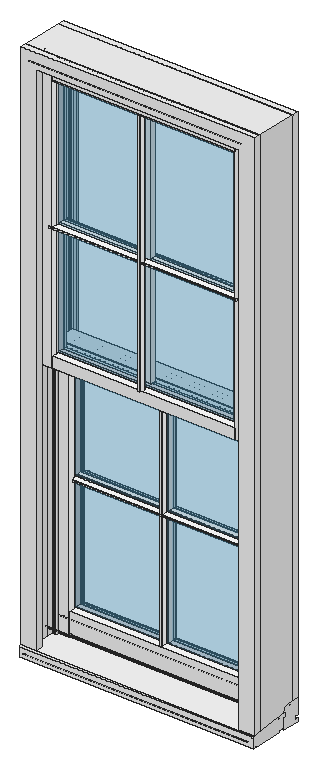
Revit family "S1-44", category Generic Models, Revit 2012 (continued)
Automatic sketch dimensions
  Extrusion 27 sketch curve to Extrusion 27 sketch curve = 3.78 mm
  Extrusion 27 sketch curve to Extrusion 27 sketch curve = 0.468 mm
  plane 4 to Extrusion 27 sketch curve = 15 mm
  Extrusion 28 sketch curve to plane 4 = 0 mm
  Extrusion 28 sketch curve to level = 0 mm
  plane 4 to Extrusion 28 sketch curve = 15 mm
  Extrusion 28 sketch curve to plane 1 "Center (Front/Back)" = 33 mm
  Extrusion 28 sketch curve to Extrusion 28 sketch curve = 0 mm
  Extrusion 28 sketch curve to Extrusion 28 sketch curve = 5 mm
  Extrusion 28 sketch curve to Extrusion 28 sketch curve = 13.619 mm
  Extrusion 28 sketch curve to Extrusion 28 sketch curve = 3.494 mm
  Extrusion 28 sketch curve to Extrusion 28 sketch curve = 0.701 mm
  Extrusion 28 sketch curve to Extrusion 28 sketch curve = 0.799 mm
  Extrusion 28 sketch curve to Extrusion 28 sketch curve = 1.734 mm
  Extrusion 28 sketch curve to Extrusion 28 sketch curve = 0.661 mm
  Extrusion 28 sketch curve to Extrusion 28 sketch curve = 0.854 mm
  Extrusion 28 sketch curve to plane 9 = 0 mm
  Extrusion 28 sketch curve to plane 22 = 4.75 mm
  Extrusion 28 sketch curve to plane 22 = 14.75 mm
  Extrusion 28 sketch curve to Extrusion 28 sketch curve = 10 mm  (x2)
  level to Extrusion 28 sketch curve = 10 mm
  Extrusion 28 sketch curve to Extrusion 28 sketch curve = 4.913 mm
  Extrusion 28 sketch curve to Extrusion 28 sketch curve = 3 mm
  Extrusion 28 sketch curve to Extrusion 28 sketch curve = 13.01 mm
  Extrusion 28 sketch curve to Extrusion 28 sketch curve = 0.941 mm
  Extrusion 28 sketch curve to Extrusion 28 sketch curve = 4.893 mm
  Extrusion 28 sketch curve to Extrusion 28 sketch curve = 3.308 mm
  Extrusion 28 sketch curve to Extrusion 28 sketch curve = 0.218 mm
  Extrusion 28 sketch curve to Extrusion 28 sketch curve = 0.667 mm
  Extrusion 28 sketch curve to Extrusion 28 sketch curve = 5.279 mm
  Extrusion 29 sketch curve to plane 17 = 0 mm  (x3)
  Extrusion 29 sketch curve to plane 17 = 3 mm  (x2)
  plane 10 to Extrusion 29 sketch curve = 1 mm
  Extrusion 29 sketch curve to Extrusion 29 sketch curve = 3 mm  (x2)
  Extrusion 29 sketch curve to plane 17 = 9 mm
  plane 1 "Center (Front/Back)" to Extrusion 29 sketch curve = 6 mm
  Extrusion 29 sketch curve to Extrusion 29 sketch curve = 34 mm
  Extrusion 29 sketch curve to Extrusion 29 sketch curve = 6 mm
  Extrusion 29 sketch curve to Extrusion 29 sketch curve = 10 mm  (x2)
  Extrusion 29 sketch curve to Extrusion 29 sketch curve = 5 mm
  Extrusion 29 sketch curve to Extrusion 29 sketch curve = 9 mm
  plane 10 to Extrusion 29 sketch curve = 13 mm
  Extrusion 29 sketch curve to Extrusion 29 sketch curve = 2 mm
  Extrusion 30 sketch curve to Extrusion 30 sketch curve = 0 mm  (x2)
  Extrusion 30 sketch curve to plane 24 = 0 mm
  Extrusion 30 sketch curve to plane 25 = 0 mm
  Extrusion 31 sketch curve to plane 17 = 0 mm  (x3)
  Extrusion 31 sketch curve to plane 17 = 3 mm  (x2)
  Extrusion 31 sketch curve to Extrusion 31 sketch curve = 3 mm  (x2)
  Extrusion 31 sketch curve to plane 17 = 9 mm
  Extrusion 31 sketch curve to Extrusion 31 sketch curve = 31 mm
  Extrusion 31 sketch curve to plane 1 "Center (Front/Back)" = 5 mm
  Extrusion 31 sketch curve to Extrusion 31 sketch curve = 6 mm
  Extrusion 31 sketch curve to Extrusion 31 sketch curve = 10 mm  (x3)
  Extrusion 31 sketch curve to Extrusion 31 sketch curve = 5 mm
  Extrusion 31 sketch curve to Extrusion 31 sketch curve = 12 mm
  Extrusion 31 sketch curve to Extrusion 31 sketch curve = 9 mm
  Extrusion 31 sketch curve to plane 9 = 5 mm
  Extrusion 32 sketch curve to Extrusion 32 sketch curve = 0 mm  (x2)
  Extrusion 32 sketch curve to plane 26 = 0 mm
  Extrusion 32 sketch curve to plane 27 = 0 mm
  plane 4 to Sweep 33 sketch curve = 0.101 mm  (x2)
  profile plane to Sweep 33 sketch curve = 0 mm
  profile plane to Sweep 33 sketch curve = 15 mm  (x2)
  Sweep 33 sketch curve to Sweep 33 sketch curve = 8 mm  (x2)
  Sweep 33 sketch curve to profile plane = 4 mm
  profile plane to Sweep 33 sketch curve = 25 mm
  Sweep 33 sketch curve to Sweep 33 sketch curve = 3.764 mm
  Sweep 33 sketch curve to Sweep 33 sketch curve = 0.669 mm  (x3)
  Sweep 33 sketch curve to Sweep 33 sketch curve = 9 mm  (x2)
  Sweep 33 sketch curve to Sweep 33 sketch curve = 0 mm  (x3)
  Sweep 33 sketch curve to profile plane = 67 mm
  Sweep 33 sketch curve to Sweep 33 sketch curve = 5 mm  (x2)
  profile plane to Sweep 33 sketch curve = 4 mm
  Sweep 33 sketch curve to Sweep 33 sketch curve = 14.424 mm
  Sweep 33 sketch curve to Sweep 33 sketch curve = 1.899 mm
  Sweep 33 sketch curve to Sweep 33 sketch curve = 2.674 mm
  Sweep 33 sketch curve to Sweep 33 sketch curve = 44.004 mm
  plane 1 "Center (Front/Back)" to Sweep 34 sketch curve = 0 mm
  plane 6 to Sweep 34 sketch curve = 30 mm
  plane 8 to Sweep 34 sketch curve = 89 mm
  Sweep 34 sketch curve to Sweep 34 sketch curve = 0.584 mm
  Sweep 34 sketch curve to Sweep 34 sketch curve = 2.535 mm
  Sweep 34 sketch curve to Sweep 34 sketch curve = 3.255 mm
  profile plane to Sweep 34 sketch curve = 88.087 mm
  Sweep 34 sketch curve to Sweep 34 sketch curve = 0.366 mm
  Sweep 34 sketch curve to Sweep 34 sketch curve = 3 mm  (x2)
  Sweep 34 sketch curve to profile plane = 6.095 mm
  Sweep 34 sketch curve to Sweep 34 sketch curve = 12.041 mm
  Sweep 34 sketch curve to Sweep 34 sketch curve = 0.661 mm
  Sweep 34 sketch curve to Sweep 34 sketch curve = 20.296 mm
  Sweep 34 sketch curve to Sweep 34 sketch curve = 6.677 mm
  Sweep 34 sketch curve to Sweep 34 sketch curve = 3.494 mm
  Sweep 34 sketch curve to Sweep 34 sketch curve = 0.701 mm
  Sweep 34 sketch curve to Sweep 34 sketch curve = 1.501 mm
  Sweep 34 sketch curve to Sweep 34 sketch curve = 0.499 mm
  Sweep 34 sketch curve to Sweep 34 sketch curve = 0.854 mm
  Sweep 34 sketch curve to Sweep 34 sketch curve = 12.85 mm
  Sweep 34 sketch curve to Sweep 34 sketch curve = 34.959 mm
  profile plane to Sweep 34 sketch curve = 30.213 mm
  Sweep 34 sketch curve to Sweep 34 sketch curve = 2.932 mm
  Sweep 34 sketch curve to Sweep 34 sketch curve = 0.468 mm
  Sweep 34 sketch curve to Sweep 34 sketch curve = 5.224 mm
  Sweep 34 sketch curve to Sweep 34 sketch curve = 4.913 mm
  Sweep 34 sketch curve to Sweep 34 sketch curve = 4.893 mm
  Sweep 34 sketch curve to Sweep 34 sketch curve = 3.401 mm
  Sweep 34 sketch curve to Sweep 34 sketch curve = 0.218 mm
  Sweep 34 sketch curve to Sweep 34 sketch curve = 0.667 mm
  Sweep 34 sketch curve to Sweep 34 sketch curve = 5.371 mm
  Extrusion 35 sketch curve to plane 30 = 2 mm
  Extrusion 35 sketch curve to plane 33 = 10 mm  (x2)
  Extrusion 35 sketch curve to Extrusion 35 sketch curve = 2 mm  (x4)
  Extrusion 35 sketch curve to plane 33 = 2.5 mm  (x2)
  plane 33 to Extrusion 35 sketch curve = 2.5 mm  (x2)
  plane 33 to Extrusion 35 sketch curve = 8 mm
  plane 33 to Extrusion 35 sketch curve = 10 mm
  Extrusion 35 sketch curve to Extrusion 35 sketch curve = 2.8 mm  (x2)
  Extrusion 35 sketch curve to plane 1 "Center (Front/Back)" = 8.038 mm
  Extrusion 35 sketch curve to Extrusion 35 sketch curve = 0 mm
  plane 30 to Extrusion 35 sketch curve = 6 mm
  Extrusion 35 sketch curve to Extrusion 35 sketch curve = 2.5 mm  (x2)
  Extrusion 35 sketch curve to plane 9 = 4.008 mm  (x2)
  Extrusion 36 sketch curve to plane 33 = 10 mm
  plane 33 to Extrusion 36 sketch curve = 10 mm
  Extrusion 36 sketch curve to plane 1 "Center (Front/Back)" = 25.992 mm
  Extrusion 36 sketch curve to Extrusion 36 sketch curve = 16 mm
  Extrusion 37 sketch curve to plane 35 = 0 mm  (x2)
  Extrusion 37 sketch curve to Extrusion 37 sketch curve = 2 mm  (x3)
  Extrusion 37 sketch curve to plane 10 = 0.831 mm
  plane 35 to Extrusion 37 sketch curve = 7.449 mm
  plane 35 to Extrusion 37 sketch curve = 7.5 mm
  plane 10 to Extrusion 37 sketch curve = 1.169 mm  (x2)
  Extrusion 37 sketch curve to Extrusion 37 sketch curve = 5 mm  (x2)
  Extrusion 37 sketch curve to Extrusion 37 sketch curve = 5.5 mm
  Extrusion 37 sketch curve to Extrusion 37 sketch curve = 7.551 mm
  plane 10 to Extrusion 37 sketch curve = 9.323 mm
  plane 10 to Extrusion 37 sketch curve = 12.123 mm
  plane 1 "Center (Front/Back)" to Extrusion 37 sketch curve = 26.492 mm
  Extrusion 37 sketch curve to Extrusion 37 sketch curve = 6 mm  (x2)
  Extrusion 37 sketch curve to Extrusion 37 sketch curve = 2.5 mm  (x2)
  Extrusion 37 sketch curve to Extrusion 37 sketch curve = 7.5 mm
  Extrusion 37 sketch curve to Extrusion 37 sketch curve = 0 mm
  Extrusion 38 sketch curve to plane 35 = 0 mm
  Extrusion 38 sketch curve to Extrusion 38 sketch curve = 20 mm
  plane 1 "Center (Front/Back)" to Extrusion 38 sketch curve = 31.742 mm
  Extrusion 38 sketch curve to Extrusion 38 sketch curve = 16 mm
  Extrusion 39 sketch curve to plane 36 = 2 mm
  plane 23 to Extrusion 39 sketch curve = 10 mm  (x2)
  Extrusion 39 sketch curve to Extrusion 39 sketch curve = 2 mm  (x4)
  plane 23 to Extrusion 39 sketch curve = 2.5 mm  (x2)
  Extrusion 39 sketch curve to plane 23 = 2.5 mm  (x2)
  Extrusion 39 sketch curve to plane 23 = 8 mm
  Extrusion 39 sketch curve to plane 23 = 10 mm
  Extrusion 39 sketch curve to Extrusion 39 sketch curve = 2.8 mm  (x2)
  Extrusion 39 sketch curve to plane 1 "Center (Front/Back)" = 8.038 mm
  Extrusion 39 sketch curve to Extrusion 39 sketch curve = 0 mm
  plane 36 to Extrusion 39 sketch curve = 6 mm
  Extrusion 39 sketch curve to Extrusion 39 sketch curve = 2.5 mm  (x2)
  Extrusion 39 sketch curve to plane 9 = 4.008 mm  (x2)
  plane 23 to Extrusion 40 sketch curve = 10 mm
  Extrusion 40 sketch curve to plane 23 = 10 mm
  Extrusion 40 sketch curve to plane 1 "Center (Front/Back)" = 25.992 mm
  Extrusion 40 sketch curve to Extrusion 40 sketch curve = 16 mm
  Extrusion 41 sketch curve to plane 39 = 2 mm
  plane 23 to Extrusion 41 sketch curve = 19.292 mm  (x2)
  plane 10 to Extrusion 41 sketch curve = 5.701 mm
  plane 39 to Extrusion 41 sketch curve = 8.5 mm
  Extrusion 41 sketch curve to Extrusion 41 sketch curve = 2 mm  (x3)
  Extrusion 41 sketch curve to Extrusion 41 sketch curve = 5.5 mm
  Extrusion 41 sketch curve to plane 10 = 2.453 mm  (x2)
  Extrusion 41 sketch curve to Extrusion 41 sketch curve = 7.5 mm  (x2)
  Extrusion 41 sketch curve to Extrusion 41 sketch curve = 5 mm  (x2)
  plane 23 to Extrusion 41 sketch curve = 1.292 mm
  Extrusion 41 sketch curve to plane 23 = 0.708 mm  (x2)
  Extrusion 41 sketch curve to Extrusion 41 sketch curve = 2.8 mm
  Extrusion 41 sketch curve to Extrusion 41 sketch curve = 2.5 mm  (x2)
  Extrusion 41 sketch curve to Extrusion 41 sketch curve = 0 mm
  plane 23 to Extrusion 42 sketch curve = 10 mm
  Extrusion 42 sketch curve to plane 23 = 10 mm
  plane 10 to Extrusion 42 sketch curve = 19.242 mm
  Extrusion 42 sketch curve to Extrusion 42 sketch curve = 16 mm
  Extrusion 43 sketch curve to plane 34 = 0 mm  (x2)
  Extrusion 43 sketch curve to plane 34 = 3 mm  (x2)
  plane 10 to Extrusion 43 sketch curve = 1 mm
  Extrusion 43 sketch curve to Extrusion 43 sketch curve = 6 mm  (x2)
  plane 1 "Center (Front/Back)" to Extrusion 43 sketch curve = 6 mm
  Extrusion 43 sketch curve to Extrusion 43 sketch curve = 30.096 mm
  Extrusion 43 sketch curve to Extrusion 43 sketch curve = 10 mm
  plane 10 to Extrusion 43 sketch curve = 11 mm
  plane 10 to Extrusion 43 sketch curve = 13 mm
  Extrusion 43 sketch curve to Extrusion 43 sketch curve = 22.126 mm
  Extrusion 43 sketch curve to Extrusion 43 sketch curve = 8 mm
  Extrusion 43 sketch curve to Extrusion 43 sketch curve = 3 mm
  Extrusion 44 sketch curve to plane 10 = 0 mm  (x2)
  Extrusion 44 sketch curve to plane 10 = 0.972 mm  (x2)
  Extrusion 44 sketch curve to Extrusion 44 sketch curve = 1.528 mm
  Extrusion 44 sketch curve to Extrusion 44 sketch curve = 0.5 mm  (x2)
  Extrusion 44 sketch curve to Extrusion 44 sketch curve = 0.574 mm  (x2)
  Extrusion 44 sketch curve to Extrusion 44 sketch curve = 0.813 mm
  Extrusion 44 sketch curve to Extrusion 44 sketch curve = 0 mm  (x5)
  Extrusion 44 sketch curve to Extrusion 44 sketch curve = 0.85 mm
  Extrusion 44 sketch curve to Extrusion 44 sketch curve = 0.61 mm
  Extrusion 44 sketch curve to Extrusion 44 sketch curve = 0.895 mm  (x4)
  Extrusion 44 sketch curve to Extrusion 44 sketch curve = 1.681 mm
  Extrusion 44 sketch curve to plane 34 = 8.996 mm
  Extrusion 44 sketch curve to Extrusion 44 sketch curve = 1 mm  (x2)
  Extrusion 44 sketch curve to Extrusion 44 sketch curve = 1.25 mm  (x3)
  Extrusion 44 sketch curve to Extrusion 44 sketch curve = 0.028 mm
  Extrusion 44 sketch curve to Extrusion 44 sketch curve = 0.867 mm  (x2)
  Extrusion 44 sketch curve to Extrusion 44 sketch curve = 0.355 mm
  Extrusion 44 sketch curve to Extrusion 44 sketch curve = 0.71 mm  (x2)
  Extrusion 44 sketch curve to Extrusion 44 sketch curve = 2.5 mm
  Extrusion 45 sketch curve to plane 10 = 2.5 mm
  Extrusion 45 sketch curve to plane 10 = 0.972 mm  (x2)
  plane 10 to Extrusion 45 sketch curve = 0.273 mm  (x2)
  Extrusion 45 sketch curve to Extrusion 45 sketch curve = 4.772 mm
  Extrusion 45 sketch curve to Extrusion 45 sketch curve = 0 mm  (x2)
  Extrusion 45 sketch curve to Extrusion 45 sketch curve = 0.921 mm  (x3)
  Extrusion 45 sketch curve to plane 34 = 7.996 mm
  Extrusion 45 sketch curve to Extrusion 45 sketch curve = 1.255 mm
  Extrusion 45 sketch curve to Extrusion 45 sketch curve = 0.719 mm  (x2)
  Extrusion 45 sketch curve to Extrusion 45 sketch curve = 1.052 mm
  Extrusion 45 sketch curve to Extrusion 45 sketch curve = 3.157 mm
  Extrusion 45 sketch curve to Extrusion 45 sketch curve = 1.974 mm
  Extrusion 46 sketch curve to plane 34 = 1.178 mm
  Extrusion 46 sketch curve to plane 9 = 5.412 mm
  Extrusion 46 sketch curve to Extrusion 46 sketch curve = 0.921 mm  (x3)
  Extrusion 46 sketch curve to plane 34 = 2.099 mm
  plane 9 to Extrusion 46 sketch curve = 0.281 mm  (x2)
  plane 9 to Extrusion 46 sketch curve = 1.526 mm  (x2)
  Extrusion 46 sketch curve to Extrusion 46 sketch curve = 1.5 mm
  Extrusion 46 sketch curve to plane 34 = 2.433 mm
  Extrusion 46 sketch curve to Extrusion 46 sketch curve = 0.719 mm  (x2)
  Extrusion 46 sketch curve to Extrusion 46 sketch curve = 0.662 mm
  Extrusion 46 sketch curve to Extrusion 46 sketch curve = 2.767 mm
  Extrusion 46 sketch curve to Extrusion 46 sketch curve = 1.45 mm
  Extrusion 46 sketch curve to plane 34 = 0.982 mm
  Extrusion 47 sketch curve to plane 9 = 5.412 mm
  Extrusion 47 sketch curve to Extrusion 47 sketch curve = 0.921 mm  (x4)
  plane 9 to Extrusion 47 sketch curve = 0.281 mm  (x2)
  plane 9 to Extrusion 47 sketch curve = 1.526 mm  (x2)
  Extrusion 47 sketch curve to Extrusion 47 sketch curve = 1.5 mm
  plane 4 to Extrusion 47 sketch curve = 39.982 mm
  Extrusion 47 sketch curve to Extrusion 47 sketch curve = 0.195 mm
  Extrusion 47 sketch curve to Extrusion 47 sketch curve = 1.45 mm  (x2)
  Extrusion 47 sketch curve to Extrusion 47 sketch curve = 0.719 mm  (x2)
  Extrusion 47 sketch curve to Extrusion 47 sketch curve = 0.662 mm
  Extrusion 47 sketch curve to Extrusion 47 sketch curve = 2.767 mm
  plane 1 "Center (Front/Back)" to Extrusion 48 sketch curve = 9.573 mm
  Extrusion 48 sketch curve to Extrusion 48 sketch curve = 0.921 mm  (x4)
  plane 1 "Center (Front/Back)" to Extrusion 48 sketch curve = 3.88 mm
  Extrusion 48 sketch curve to Extrusion 48 sketch curve = 0 mm
  plane 1 "Center (Front/Back)" to Extrusion 48 sketch curve = 2.635 mm  (x2)
  plane 1 "Center (Front/Back)" to Extrusion 48 sketch curve = 1.135 mm
  Extrusion 48 sketch curve to plane 34 = 11.193 mm
  Extrusion 48 sketch curve to Extrusion 48 sketch curve = 1.211 mm
  Extrusion 48 sketch curve to Extrusion 48 sketch curve = 2.466 mm
  Extrusion 48 sketch curve to Extrusion 48 sketch curve = 0.719 mm  (x2)
  Extrusion 48 sketch curve to Extrusion 48 sketch curve = 0.631 mm
  Extrusion 48 sketch curve to Extrusion 48 sketch curve = 2.735 mm
  Extrusion 48 sketch curve to Extrusion 48 sketch curve = 3.185 mm
  plane 34 to Extrusion 49 sketch curve = 0.792 mm
  plane 1 "Center (Front/Back)" to Extrusion 49 sketch curve = 21.034 mm
  Extrusion 49 sketch curve to Extrusion 49 sketch curve = 0.783 mm
  Extrusion 49 sketch curve to Extrusion 49 sketch curve = 0.015 mm
  plane 34 to Extrusion 49 sketch curve = 0.501 mm
  Extrusion 49 sketch curve to Extrusion 49 sketch curve = 5.086 mm
  Extrusion 49 sketch curve to Extrusion 49 sketch curve = 0.852 mm  (x2)
  Extrusion 49 sketch curve to Extrusion 49 sketch curve = 1.04 mm
  Extrusion 49 sketch curve to plane 34 = 2.371 mm
  Extrusion 49 sketch curve to Extrusion 49 sketch curve = 0.6 mm
  Extrusion 49 sketch curve to Extrusion 49 sketch curve = 0.954 mm  (x2)
  Extrusion 49 sketch curve to Extrusion 49 sketch curve = 0.545 mm
  Extrusion 50 sketch curve to Extrusion 50 sketch curve = 0 mm  (x10)
  Extrusion 50 sketch curve to plane 13 = 1.115 mm
  plane 1 "Center (Front/Back)" to Extrusion 50 sketch curve = 24.112 mm
  Extrusion 50 sketch curve to plane 13 = 1.322 mm
  Extrusion 50 sketch curve to Extrusion 50 sketch curve = 0.5 mm  (x4)
  Extrusion 50 sketch curve to plane 13 = 0.205 mm
  Extrusion 50 sketch curve to Extrusion 50 sketch curve = 2.378 mm
  Extrusion 50 sketch curve to plane 13 = 0.558 mm
  Extrusion 50 sketch curve to Extrusion 50 sketch curve = 0.354 mm  (x3)
  Extrusion 50 sketch curve to Extrusion 50 sketch curve = 0.707 mm
  plane 13 to Extrusion 50 sketch curve = 3.236 mm
  Extrusion 50 sketch curve to Extrusion 50 sketch curve = 1.473 mm
  plane 13 to Extrusion 50 sketch curve = 2.882 mm
  Extrusion 50 sketch curve to Extrusion 50 sketch curve = 0.315 mm  (x2)
  Extrusion 50 sketch curve to Extrusion 50 sketch curve = 2.239 mm
  Extrusion 50 sketch curve to Extrusion 50 sketch curve = 0.32 mm
  plane 34 to Extrusion 50 sketch curve = 0 mm
  Extrusion 50 sketch curve to Extrusion 50 sketch curve = 1.581 mm
  Extrusion 50 sketch curve to Extrusion 50 sketch curve = 0.136 mm
  Extrusion 50 sketch curve to Extrusion 50 sketch curve = 0.899 mm
  Extrusion 50 sketch curve to plane 34 = 1.354 mm
  Extrusion 50 sketch curve to Extrusion 50 sketch curve = 1.177 mm
  Extrusion 50 sketch curve to Extrusion 50 sketch curve = 0.886 mm
  Extrusion 50 sketch curve to Extrusion 50 sketch curve = 2.346 mm
  Extrusion 50 sketch curve to Extrusion 50 sketch curve = 0.069 mm
  Extrusion 50 sketch curve to Extrusion 50 sketch curve = 0.388 mm
  Extrusion 50 sketch curve to plane 34 = 0.481 mm
  plane 34 to Extrusion 50 sketch curve = 0.735 mm
  Extrusion 50 sketch curve to Extrusion 50 sketch curve = 0.984 mm
  Extrusion 51 sketch curve to plane 9 = 16.75 mm
  Extrusion 51 sketch curve to Extrusion 51 sketch curve = 0.838 mm
  Extrusion 51 sketch curve to Extrusion 51 sketch curve = 0.12 mm
  Extrusion 51 sketch curve to Extrusion 51 sketch curve = 4.013 mm
  Extrusion 51 sketch curve to Extrusion 51 sketch curve = 0.852 mm
  Extrusion 51 sketch curve to Extrusion 51 sketch curve = 0.391 mm
  Extrusion 51 sketch curve to Extrusion 51 sketch curve = 1.04 mm
  plane 4 to Extrusion 51 sketch curve = 34.354 mm
  Extrusion 51 sketch curve to Extrusion 51 sketch curve = 0.368 mm
  Extrusion 51 sketch curve to Extrusion 51 sketch curve = 0.593 mm
  Extrusion 51 sketch curve to Extrusion 51 sketch curve = 0.96 mm
  Extrusion 51 sketch curve to Extrusion 51 sketch curve = 0.868 mm
  Extrusion 51 sketch curve to Extrusion 51 sketch curve = 4.578 mm
  Extrusion 51 sketch curve to Extrusion 51 sketch curve = 0.826 mm
  Extrusion 51 sketch curve to Extrusion 51 sketch curve = 0.954 mm
  Extrusion 51 sketch curve to Extrusion 51 sketch curve = 0.729 mm
  Extrusion 52 sketch curve to Extrusion 52 sketch curve = 0 mm  (x6)
  Extrusion 52 sketch curve to plane 9 = 20.112 mm
  Extrusion 52 sketch curve to Extrusion 52 sketch curve = 0.504 mm
  Extrusion 52 sketch curve to Extrusion 52 sketch curve = 0.692 mm
  Extrusion 52 sketch curve to Extrusion 52 sketch curve = 0.009 mm
  Extrusion 52 sketch curve to Extrusion 52 sketch curve = 2.715 mm
  Extrusion 52 sketch curve to Extrusion 52 sketch curve = 0.308 mm  (x2)
  Extrusion 52 sketch curve to Extrusion 52 sketch curve = 0.273 mm
  Extrusion 52 sketch curve to Extrusion 52 sketch curve = 0.062 mm  (x2)
  Extrusion 52 sketch curve to Extrusion 52 sketch curve = 0.085 mm
  Extrusion 52 sketch curve to Extrusion 52 sketch curve = 2.389 mm
  Extrusion 52 sketch curve to Extrusion 52 sketch curve = 4.624 mm
  Extrusion 52 sketch curve to Extrusion 52 sketch curve = 0.414 mm
  Extrusion 52 sketch curve to Extrusion 52 sketch curve = 0.507 mm
  Extrusion 52 sketch curve to Extrusion 52 sketch curve = 0.347 mm
  Extrusion 52 sketch curve to Extrusion 52 sketch curve = 4.117 mm
  Extrusion 52 sketch curve to Extrusion 52 sketch curve = 0.122 mm
  Extrusion 52 sketch curve to Extrusion 52 sketch curve = 3.078 mm
  Extrusion 52 sketch curve to Extrusion 52 sketch curve = 0.981 mm
  Extrusion 52 sketch curve to Extrusion 52 sketch curve = 0.5 mm
  plane 4 to Extrusion 52 sketch curve = 28.058 mm
  Extrusion 52 sketch curve to Extrusion 52 sketch curve = 0.394 mm  (x2)
  Extrusion 52 sketch curve to Extrusion 52 sketch curve = 0.501 mm
  Extrusion 52 sketch curve to Extrusion 52 sketch curve = 3.233 mm
  Extrusion 52 sketch curve to Extrusion 52 sketch curve = 0.097 mm
  Extrusion 52 sketch curve to Extrusion 52 sketch curve = 0.246 mm
  Extrusion 52 sketch curve to Extrusion 52 sketch curve = 0.537 mm
  Extrusion 52 sketch curve to Extrusion 52 sketch curve = 0.53 mm
  Extrusion 52 sketch curve to Extrusion 52 sketch curve = 2.566 mm
  Extrusion 52 sketch curve to Extrusion 52 sketch curve = 0.002 mm
  Extrusion 52 sketch curve to Extrusion 52 sketch curve = 1.017 mm
  Extrusion 52 sketch curve to Extrusion 52 sketch curve = 0.43 mm
  Extrusion 52 sketch curve to Extrusion 52 sketch curve = 3.279 mm
  Extrusion 52 sketch curve to Extrusion 52 sketch curve = 0.955 mm
  Extrusion 52 sketch curve to Extrusion 52 sketch curve = 1.205 mm
  Extrusion 53 sketch curve to plane 1 "Center (Front/Back)" = 9.402 mm
  Extrusion 53 sketch curve to Extrusion 53 sketch curve = 0.838 mm
  Extrusion 53 sketch curve to Extrusion 53 sketch curve = 0.12 mm
  Extrusion 53 sketch curve to Extrusion 53 sketch curve = 4.013 mm
  Extrusion 53 sketch curve to Extrusion 53 sketch curve = 0.852 mm
  Extrusion 53 sketch curve to Extrusion 53 sketch curve = 0.391 mm
  Extrusion 53 sketch curve to Extrusion 53 sketch curve = 1.04 mm
  plane 4 to Extrusion 53 sketch curve = 14.328 mm
  Extrusion 53 sketch curve to Extrusion 53 sketch curve = 0.368 mm
  Extrusion 53 sketch curve to Extrusion 53 sketch curve = 0.593 mm
  Extrusion 53 sketch curve to Extrusion 53 sketch curve = 0.96 mm
  Extrusion 53 sketch curve to Extrusion 53 sketch curve = 0.868 mm
  Extrusion 53 sketch curve to Extrusion 53 sketch curve = 4.578 mm
  Extrusion 53 sketch curve to Extrusion 53 sketch curve = 0.826 mm
  Extrusion 53 sketch curve to Extrusion 53 sketch curve = 0.954 mm
  Extrusion 53 sketch curve to Extrusion 53 sketch curve = 0.729 mm
  Extrusion 54 sketch curve to Extrusion 54 sketch curve = 0 mm  (x6)
  Extrusion 54 sketch curve to plane 1 "Center (Front/Back)" = 6.04 mm
  Extrusion 54 sketch curve to Extrusion 54 sketch curve = 0.504 mm
  Extrusion 54 sketch curve to Extrusion 54 sketch curve = 0.692 mm
  Extrusion 54 sketch curve to Extrusion 54 sketch curve = 0.009 mm
  Extrusion 54 sketch curve to Extrusion 54 sketch curve = 2.715 mm
  Extrusion 54 sketch curve to Extrusion 54 sketch curve = 0.308 mm  (x2)
  Extrusion 54 sketch curve to Extrusion 54 sketch curve = 0.273 mm
  Extrusion 54 sketch curve to Extrusion 54 sketch curve = 0.062 mm  (x2)
  Extrusion 54 sketch curve to Extrusion 54 sketch curve = 0.085 mm
  Extrusion 54 sketch curve to Extrusion 54 sketch curve = 2.389 mm
  Extrusion 54 sketch curve to Extrusion 54 sketch curve = 4.624 mm
  Extrusion 54 sketch curve to Extrusion 54 sketch curve = 0.414 mm
  plane 4 to Extrusion 54 sketch curve = 9.334 mm
  Extrusion 54 sketch curve to Extrusion 54 sketch curve = 0.507 mm
  Extrusion 54 sketch curve to Extrusion 54 sketch curve = 0.347 mm
  Extrusion 54 sketch curve to Extrusion 54 sketch curve = 4.117 mm
  Extrusion 54 sketch curve to Extrusion 54 sketch curve = 0.122 mm
  Extrusion 54 sketch curve to Extrusion 54 sketch curve = 3.078 mm
  Extrusion 54 sketch curve to Extrusion 54 sketch curve = 0.981 mm
  Extrusion 54 sketch curve to Extrusion 54 sketch curve = 0.5 mm
  Extrusion 54 sketch curve to Extrusion 54 sketch curve = 0.407 mm
  Extrusion 54 sketch curve to Extrusion 54 sketch curve = 0.394 mm  (x2)
  Extrusion 54 sketch curve to Extrusion 54 sketch curve = 3.233 mm
  Extrusion 54 sketch curve to Extrusion 54 sketch curve = 0.097 mm
  Extrusion 54 sketch curve to Extrusion 54 sketch curve = 0.246 mm
  Extrusion 54 sketch curve to Extrusion 54 sketch curve = 0.537 mm
  Extrusion 54 sketch curve to Extrusion 54 sketch curve = 0.53 mm
  Extrusion 54 sketch curve to Extrusion 54 sketch curve = 2.566 mm
  Extrusion 54 sketch curve to Extrusion 54 sketch curve = 0.002 mm
  Extrusion 54 sketch curve to Extrusion 54 sketch curve = 1.017 mm
  Extrusion 54 sketch curve to Extrusion 54 sketch curve = 0.43 mm
  Extrusion 54 sketch curve to Extrusion 54 sketch curve = 3.279 mm
  Extrusion 54 sketch curve to Extrusion 54 sketch curve = 0.955 mm
  Extrusion 54 sketch curve to Extrusion 54 sketch curve = 1.205 mm
  Extrusion 55 sketch curve to plane 1 "Center (Front/Back)" = 3.432 mm
  Extrusion 55 sketch curve to plane 28 = 19.96 mm
  Extrusion 55 sketch curve to plane 1 "Center (Front/Back)" = 4.025 mm
  Extrusion 55 sketch curve to Extrusion 55 sketch curve = 0.838 mm
  Extrusion 55 sketch curve to plane 1 "Center (Front/Back)" = 3.065 mm
  Extrusion 55 sketch curve to Extrusion 55 sketch curve = 0.12 mm
  Extrusion 55 sketch curve to Extrusion 55 sketch curve = 4.013 mm
  Extrusion 55 sketch curve to Extrusion 55 sketch curve = 0.852 mm
  Extrusion 55 sketch curve to Extrusion 55 sketch curve = 0.391 mm
  Extrusion 55 sketch curve to Extrusion 55 sketch curve = 1.04 mm
  Extrusion 55 sketch curve to Extrusion 55 sketch curve = 0.593 mm
  Extrusion 55 sketch curve to Extrusion 55 sketch curve = 0.868 mm
  Extrusion 55 sketch curve to Extrusion 55 sketch curve = 4.578 mm
  Extrusion 55 sketch curve to Extrusion 55 sketch curve = 0.826 mm
  Extrusion 55 sketch curve to Extrusion 55 sketch curve = 0.954 mm
  Extrusion 55 sketch curve to Extrusion 55 sketch curve = 0.729 mm
  Extrusion 56 sketch curve to Extrusion 56 sketch curve = 0 mm  (x6)
  Extrusion 56 sketch curve to plane 1 "Center (Front/Back)" = 0.681 mm
  Extrusion 56 sketch curve to plane 28 = 16.598 mm
  Extrusion 56 sketch curve to Extrusion 56 sketch curve = 0.504 mm
  Extrusion 56 sketch curve to Extrusion 56 sketch curve = 0.692 mm
  Extrusion 56 sketch curve to plane 1 "Center (Front/Back)" = 4.195 mm
  Extrusion 56 sketch curve to Extrusion 56 sketch curve = 0.009 mm
  Extrusion 56 sketch curve to plane 1 "Center (Front/Back)" = 0.584 mm
  Extrusion 56 sketch curve to Extrusion 56 sketch curve = 2.715 mm
  Extrusion 56 sketch curve to plane 1 "Center (Front/Back)" = 0.978 mm
  Extrusion 56 sketch curve to Extrusion 56 sketch curve = 0.308 mm  (x2)
  Extrusion 56 sketch curve to plane 1 "Center (Front/Back)" = 2.687 mm
  Extrusion 56 sketch curve to Extrusion 56 sketch curve = 0.273 mm
  Extrusion 56 sketch curve to Extrusion 56 sketch curve = 0.062 mm  (x2)
  Extrusion 56 sketch curve to Extrusion 56 sketch curve = 0.085 mm
  plane 1 "Center (Front/Back)" to Extrusion 56 sketch curve = 3.544 mm
  Extrusion 56 sketch curve to Extrusion 56 sketch curve = 2.389 mm
  Extrusion 56 sketch curve to Extrusion 56 sketch curve = 4.624 mm
  plane 1 "Center (Front/Back)" to Extrusion 56 sketch curve = 3.151 mm
  Extrusion 56 sketch curve to Extrusion 56 sketch curve = 0.414 mm
  plane 1 "Center (Front/Back)" to Extrusion 56 sketch curve = 2.243 mm
  Extrusion 56 sketch curve to Extrusion 56 sketch curve = 0.507 mm
  Extrusion 56 sketch curve to Extrusion 56 sketch curve = 0.347 mm
  Extrusion 56 sketch curve to Extrusion 56 sketch curve = 4.117 mm
  Extrusion 56 sketch curve to Extrusion 56 sketch curve = 0.122 mm
  Extrusion 56 sketch curve to Extrusion 56 sketch curve = 3.078 mm
  Extrusion 56 sketch curve to Extrusion 56 sketch curve = 0.981 mm
  Extrusion 56 sketch curve to Extrusion 56 sketch curve = 0.5 mm
  Extrusion 56 sketch curve to Extrusion 56 sketch curve = 0.246 mm
  Extrusion 56 sketch curve to Extrusion 56 sketch curve = 0.53 mm
  Extrusion 56 sketch curve to Extrusion 56 sketch curve = 0.002 mm
  Extrusion 56 sketch curve to Extrusion 56 sketch curve = 1.017 mm
  Extrusion 56 sketch curve to Extrusion 56 sketch curve = 0.43 mm
  Extrusion 56 sketch curve to Extrusion 56 sketch curve = 3.279 mm
  Extrusion 56 sketch curve to Extrusion 56 sketch curve = 0.955 mm
  Extrusion 56 sketch curve to Extrusion 56 sketch curve = 1.205 mm
  plane 1 "Center (Front/Back)" to Extrusion 57 sketch curve = 4.568 mm
  Extrusion 57 sketch curve to plane 28 = 23.068 mm
  plane 1 "Center (Front/Back)" to Extrusion 57 sketch curve = 4.961 mm
  Extrusion 57 sketch curve to Extrusion 57 sketch curve = 0.702 mm
  plane 1 "Center (Front/Back)" to Extrusion 57 sketch curve = 4.36 mm
  Extrusion 57 sketch curve to Extrusion 57 sketch curve = 0.075 mm
  plane 1 "Center (Front/Back)" to Extrusion 57 sketch curve = 5.581 mm
  Extrusion 57 sketch curve to Extrusion 57 sketch curve = 4.956 mm
  plane 1 "Center (Front/Back)" to Extrusion 57 sketch curve = 10.988 mm
  Extrusion 57 sketch curve to Extrusion 57 sketch curve = 0.606 mm
  Extrusion 57 sketch curve to Extrusion 57 sketch curve = 0.637 mm
  Extrusion 57 sketch curve to Extrusion 57 sketch curve = 1.04 mm
  Extrusion 57 sketch curve to Extrusion 57 sketch curve = 0.535 mm
  Extrusion 57 sketch curve to Extrusion 57 sketch curve = 0.968 mm
  Extrusion 57 sketch curve to Extrusion 57 sketch curve = 0.954 mm
  Extrusion 57 sketch curve to Extrusion 57 sketch curve = 0.587 mm
  Extrusion 58 sketch curve to Extrusion 58 sketch curve = 0 mm  (x2)
  plane 1 "Center (Front/Back)" to Extrusion 58 sketch curve = 6.114 mm
  Extrusion 58 sketch curve to plane 28 = 26.752 mm
  plane 1 "Center (Front/Back)" to Extrusion 58 sketch curve = 1.75 mm
  Extrusion 58 sketch curve to Extrusion 58 sketch curve = 0.5 mm
  plane 1 "Center (Front/Back)" to Extrusion 58 sketch curve = 1.514 mm
  Extrusion 58 sketch curve to Extrusion 58 sketch curve = 2.115 mm
  Extrusion 58 sketch curve to Extrusion 58 sketch curve = 0.355 mm
  plane 1 "Center (Front/Back)" to Extrusion 58 sketch curve = 4.182 mm
  Extrusion 58 sketch curve to Extrusion 58 sketch curve = 0.066 mm
  plane 1 "Center (Front/Back)" to Extrusion 58 sketch curve = 3.741 mm
  Extrusion 58 sketch curve to Extrusion 58 sketch curve = 0.426 mm
  plane 1 "Center (Front/Back)" to Extrusion 58 sketch curve = 2.649 mm
  Extrusion 58 sketch curve to Extrusion 58 sketch curve = 0.362 mm
  Extrusion 58 sketch curve to Extrusion 58 sketch curve = 0.002 mm
  Extrusion 58 sketch curve to Extrusion 58 sketch curve = 2.349 mm
  Extrusion 58 sketch curve to Extrusion 58 sketch curve = 0.288 mm
  Extrusion 58 sketch curve to Extrusion 58 sketch curve = 0.248 mm
  Extrusion 58 sketch curve to plane 1 "Center (Front/Back)" = 1.025 mm
  Extrusion 58 sketch curve to Extrusion 58 sketch curve = 0.374 mm
  Extrusion 58 sketch curve to plane 1 "Center (Front/Back)" = 0.679 mm
  Extrusion 58 sketch curve to Extrusion 58 sketch curve = 0.37 mm
  Extrusion 58 sketch curve to Extrusion 58 sketch curve = 3.912 mm
  Extrusion 58 sketch curve to Extrusion 58 sketch curve = 2.566 mm
  Extrusion 58 sketch curve to Extrusion 58 sketch curve = 0.163 mm
  plane 1 "Center (Front/Back)" to Extrusion 58 sketch curve = 4.52 mm
  Extrusion 58 sketch curve to Extrusion 58 sketch curve = 0.02 mm
  Extrusion 58 sketch curve to Extrusion 58 sketch curve = 0.042 mm
  Extrusion 58 sketch curve to Extrusion 58 sketch curve = 0.434 mm
  Extrusion 58 sketch curve to Extrusion 58 sketch curve = 1.047 mm
  Extrusion 58 sketch curve to Extrusion 58 sketch curve = 0.215 mm
  Extrusion 58 sketch curve to Extrusion 58 sketch curve = 0.26 mm
  Extrusion 58 sketch curve to Extrusion 58 sketch curve = 0.497 mm
  Extrusion 58 sketch curve to Extrusion 58 sketch curve = 0.336 mm
  Extrusion 58 sketch curve to Extrusion 58 sketch curve = 4.03 mm
  Extrusion 58 sketch curve to Extrusion 58 sketch curve = 0.955 mm
  Extrusion 58 sketch curve to Extrusion 58 sketch curve = 1.238 mm
  radius of Extrusion 13 sketch curve = 5 mm
  radius of Extrusion 13 sketch curve = 8.5 mm
  radius of Extrusion 22 sketch curve = 5 mm
  radius of Extrusion 22 sketch curve = 8.5 mm
  radius of Extrusion 30 sketch curve = 5 mm
  radius of Extrusion 30 sketch curve = 8.5 mm
  radius of Extrusion 32 sketch curve = 5 mm
  radius of Extrusion 32 sketch curve = 8.5 mm
Types (3, lengths in mm): name | Width | Height | GlazingPanelMaterial | Floor Material
  Window Sill drawing | 757 | 1770 | Glass | White
  Access Manager | 1250 | 1250 | none | none
  window family | 757 | 1770 | Glass | 1.12A ANCHOR FIXING
